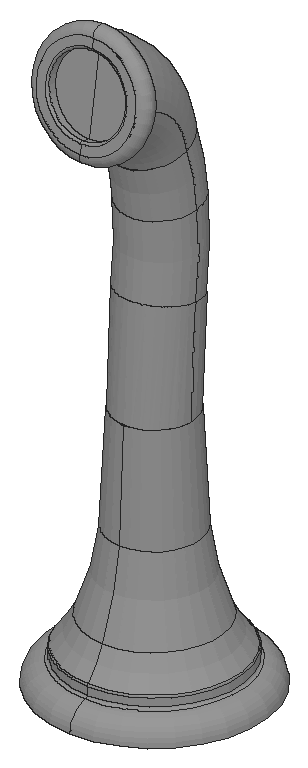
Revit family "Faucet-Wall_Mount-Bath_Spout-KOHLER-ARTIFACTS-K-72791T_1", category Plumbing Fixtures, host Face, Revit 2017
Family settings
  Host = Face
  Round Connector Dimension = Use Diameter
  Part Type = Normal
  OmniClass Number = 23.31.11.00
  Cut with Voids When Loaded = No
  Shared = No
  Room Calculation Point = No
Parameters (values of type "Not a Type-See Type Catalog")
  Width = 3"  # constant formula
  WaterSense Certified = 1 = 0  # no
  Waste Water Outlet = "Waste Water Outlet"  # constant formula
  Waste Connection = 1 = 0  # no
  Vent Connection = 1 = 0  # no
  URL = "http://www.kohler.com.cn/"
  Type = 0
  Spout Reach = 8"  # constant formula
  Product Page URL = "https://www.kohler.com.cn/product/K-72791T/K-72791T-CP/"
  Product Name = "ARTIFACTS\r\n"  # constant formula
  Product Documentation Link = ""
  Pressure = 0.00 psi
  Model = if(Type = 1, "K-72791T-CP", if(Type = 2, "K-72791T-AF", if(Type = 3, "K-72791T-BN", if(Type = 4, "K-72791T-BV", if(Type = 5, "K-72791T-SN", if(Type = 6, "K-72791T-PGD", if(Type = 7, "K-72791T-RGD", if(Type = 8, "K-72791T-TT", if(Type = 9, "K-72791T-2BZ", if(Type = 10, "K-72791T-2BL", "NA"))))))))))  # "NA"
  Material = "Premium Metal Construction"  # constant formula
  Master Format 2014 Name = "Residential Faucets, Supplies, and Trim"  # constant formula
  Master Format 2014 = "22 41 39"  # constant formula
  Manufacturer Address = "Kohler Beijing Office (100016) 36-2-03-B, No. 88, Liuxiang Road, Beijing"  # constant formula
  Manufacturer = "KOHLER Co."  # constant formula
  Length = Spout Reach  # 8"
  Hot Water Inlet = "Tempered Water Inlet"  # constant formula
  Height = 3"  # constant formula
  HW Connection = 1 = 1  # yes
  Flow Rate = 0 GPM
  Finish = Default
  Environmental Product Declaration = ""
  Drain Included = 1 = 0  # no
  Description = "Artisan tap series Artisan bathtub out of the nozzle"  # constant formula
  Default Elevation = 36"
  Declare Label = ""
  Date Modified = "09/21/2020"  # constant formula
  Date Created = "09/21/2020"  # constant formula
  Copyright = "Copyright KOHLER Co."  # constant formula
  Contact Us = "http://www.kohler.com.cn/contact/contact-us/"
  Cold Water Inlet = "Cold Water Inlet"  # constant formula
  CW Connection = 1 = 0  # no
  Assembly Code = "D2010"
  ADA Compliant = 1 = 0  # no
Reference planes (in)
  plane 1 "Center (Front/Back)": y = 0
  plane 2: z = 0
  plane 3 "Center (Left/Right)": x = 0
  plane 4: x = 1.49606
  plane 5: y = 1.49606
  plane 6: x = -1.50394
  plane 7: y = -1.50394
  plane 8: z = 8
  plane 9: z = 0.3183
  plane 10: z = 8.81275
  plane 11: y = -1.2087
Dimensions and locks (in)
  "Width": plane 6 to plane 4
  "Height": plane 5 to plane 7
  "Spout Reach": plane 8 to level
  aligned and locked: plane 2 to host face
  aligned and locked: level to host face
Automatic sketch dimensions
  host sketch curve to host sketch curve = 96"  (x2)
Nested families (in)
  nested 1: "K-72791T" at (0, 0, 0), type "K-72791T"
Connectors (in)
  piping at (0, 0, 0), diameter 0.5, driven by "Hot Water Inlet", driven by "HW Connection", driven by "Flow Rate"
    settings: on nested 1, index 1, connector inside diameter 24", connector length 0", flow factor 0, pipe flow 0 GPM, pressure drop 0.00 psi, fitting loss kfactor 0, connector angle 0.00°, fixture units 0, engagement length 0", angle of deflection 0.00°, flow configuration 0, flow direction 1, fitting loss method 0, system type 19, joint type 0, gender type 0, connector reference index -1, connector utility 1, adjustable connector no, is connector primary yes, connector description "Tempered Water Inlet"
Definition of nested family "K-72791T"
  Parameters (values of type "K-72791T")
    Material = none
  Reference planes (in)
    plane 1 "Center (Front/Back)": y = 0
    plane 2: z = 0
    plane 3 "Center (Left/Right)": x = 0
    plane 4: x = 3.75
    plane 5: y = 1.49606
    plane 6: y = -1.49606
    plane 7: x = -1.49606
    plane 8: z = 7.99213
  Forms (in)
    Revolve 1, solid, material <- "Material", detail levels medium+fine
      sketch origin (0, 0, 0) x (0, 1, 0) y (0, 0, 1)
        loop
          line (0, 0) -> (0, 3.51115) -> (-0.53759, 3.51115)
          arc (-0.53759, 3.51115) -> (-0.55895, 2.76) -> (-0.61368, 2.01054) r 16.89717
          arc (-0.61368, 2.01054) -> (-0.71573, 1.43747) -> (-0.90898, 0.8884) r 3.59302
          arc (-0.90898, 0.8884) -> (-1.02352, 0.68035) -> (-1.17116, 0.49432) r 1.41929
          arc (-1.17116, 0.49432) -> (-1.18017, 0.48036) -> (-1.18364, 0.46412) r 0.04608
          arc (-1.18364, 0.46412) -> (-1.18433, 0.40887) -> (-1.18313, 0.35364) r 1.61112
          arc (-1.18313, 0.35364) -> (-1.19186, 0.32934) -> (-1.21503, 0.31792) r 0.03447
          arc (-1.21503, 0.31792) -> (-1.42024, 0.21615) -> (-1.49606, 0) r 0.30382
          line (-1.49606, 0) -> (0, 0)
        axis (0, 0) -> (0, 3.51115)
      angle from 0 to 360
    Sweep 2, solid, material <- "Material", detail levels medium+fine
      path origin (0, 0, 0) x (0, 1, 0) y (0, 0, 1)
        loop
          arc (0.00044, 3.47766) -> (0.0121, 4.23921) -> (0.0785, 4.99794) r 10.58188
          arc (0.0785, 4.99794) -> (0.11968, 5.58107) -> (0.09915, 6.16528) r 5.53798
          arc (0.09915, 6.16528) -> (0.03332, 6.59048) -> (-0.08764, 7.00339) r 3.27733
      profile origin (0, 0.00044, 3.47766) x (0, -0.999786, -0.020685) y (1, 0, 0)
        loop
          spline (-0.00002, 0.53083) -> (-0.13738, 0.51274) -> (-0.26538, 0.45971) -> (-0.37529, 0.37535) -> (-0.45963, 0.26541) -> (-0.51265, 0.13739) -> (-0.53074, 0) -> (-0.51265, -0.13739) -> (-0.45963, -0.26541) -> (-0.37529, -0.37535) -> (-0.26538, -0.45971) -> (-0.13738, -0.51274) -> (-0.00002, -0.53083)
          spline (-0.00002, -0.53083) -> (0.13734, -0.51274) -> (0.26533, -0.45971) -> (0.37525, -0.37535) -> (0.45959, -0.26541) -> (0.51261, -0.13739) -> (0.53069, 0) -> (0.51261, 0.13739) -> (0.45959, 0.26541) -> (0.37525, 0.37535) -> (0.26533, 0.45971) -> (0.13734, 0.51274) -> (-0.00002, 0.53083)
    SweptBlend 3, solid, material <- "Material", detail levels medium+fine
      path origin (0, 0, 0) x (0, 1, 0) y (0, 0, 1)
        loop
          arc (-0.08764, 7.00339) -> (-0.47187, 7.6079) -> (-1.07638, 7.99213) r 1.64686
      profile origin (0, -0.08764, 7.00339) x (0, -0.940413, -0.340035) y (1, 0, 0)
        loop
          spline (-0.00009, 0.53084) -> (-0.13679, 0.51275) -> (-0.26417, 0.45972) -> (-0.37355, 0.37537) -> (-0.45749, 0.26543) -> (-0.51025, 0.13741) -> (-0.52825, 0.00002) -> (-0.51026, -0.13736) -> (-0.45751, -0.26539) -> (-0.37358, -0.37534) -> (-0.26421, -0.4597) -> (-0.13683, -0.51274) -> (-0.00014, -0.53084)
          spline (-0.00014, -0.53084) -> (0.13656, -0.51276) -> (0.26394, -0.45975) -> (0.37333, -0.3754) -> (0.45728, -0.26547) -> (0.51005, -0.13746) -> (0.52807, -0.00007) -> (0.51009, 0.13732) -> (0.45735, 0.26535) -> (0.37343, 0.3753) -> (0.26406, 0.45968) -> (0.13669, 0.51273) -> (-0.00009, 0.53084)
      end profile origin (0, -1.07638, 7.99213) x (0, -0.340035, -0.940413) y (1, 0, 0)
        loop
          circle (0, 0) r 0.75
    Revolve 4, solid, material <- "Material", detail levels medium+fine
      sketch origin (0, -0.01172, 0.00391) x (0, 1, 0) y (0, 0, 1)
        loop
          arc (-1.09677, 8.56234) -> (-1.09232, 8.54224) -> (-1.07496, 8.53118) r 0.02689
          line (-1.07496, 8.53118) -> (-0.96767, 8.51226) -> (-1.0626, 7.97388) -> (-0.93721, 7.95177) -> (-0.81508, 8.6444)
          arc (-0.81508, 8.6444) -> (-0.92182, 8.79683) -> (-1.07425, 8.6901) r 0.13158
          line (-1.07425, 8.6901) -> (-1.09677, 8.56234)
        axis (-0.93721, 7.95177) -> (-1.19638, 7.99747)
      angle from 0 to 360
    Extrusion 5, solid, material <- "Material", detail levels medium+fine
      sketch origin (0, 0, 0) x (1, 0, 0) y (0, 1, 0)
        loop
          circle (0, 0) r 0.08058
      from 0 to 0.03278
    Extrusion 6, void
      sketch origin (0, 0, 0) x (0, 1, 0) y (0, 0, 1)
        loop
          line (-0.84245, 8.94319) -> (-1.27915, 8.94319) -> (-1.62645, 6.97358) -> (-1.18975, 6.97358) -> (-0.84245, 8.94319)
      from -1.21044 to 1.32973
    Revolve 7, solid, material <- "Material", detail levels coarse
      sketch origin (0, 0, 0) x (0, 1, 0) y (0, 0, 1)
        loop
          line (0, 0) -> (0, 0.32237) -> (-1.49606, 0.32237) -> (-1.49606, 0) -> (0, 0)
        axis (0, 0) -> (0, 0.32237)
      angle from 0 to 360
    Sweep 8, solid, material <- "Material", detail levels coarse
      path origin (0, 0, 0) x (0, 1, 0) y (0, 0, 1)
        loop
          line (0, 0.32237) -> (0, 6.94926)
          arc (0, 6.94926) -> (-0.23396, 7.59204) -> (-0.82635, 7.93406) r 1
          line (-0.82635, 7.93406) -> (-1.21082, 8.00186)
      profile origin (0, 0, 3.63581) x (0, -1, 0) y (1, 0, 0)
        loop
          circle (0, 0) r 0.53083
  Cuts and joins
    Extrusion 6 cuts SweptBlend 3
    joined: SweptBlend 3, Revolve 4
    joined: Revolve 1, Sweep 2
    joined: Revolve 7, Sweep 8
  Lines and regions (in)
    Masking region 1
      outline origin (0, 0, 0) x (1, 0, 0) y (0, 1, 0)
        loop
          circle (0, 0) r 1.49606
    Masking region 2
      outline origin (0, 0, 0) x (0, 1, 0) y (0, 0, 1)
        loop
          arc (-1.18398, 0.35259) -> (-1.19339, 0.32859) -> (-1.21659, 0.31737) r 0.03532
          arc (-1.21659, 0.31737) -> (-1.42081, 0.21547) -> (-1.49606, 0) r 0.30314
          line (-1.49606, 0) -> (1.49606, 0)
          arc (1.49606, 0) -> (1.42081, 0.21547) -> (1.21659, 0.31737) r 0.30314
          arc (1.21659, 0.31737) -> (1.19339, 0.32859) -> (1.18398, 0.35259) r 0.03532
          line (1.18398, 0.35259) -> (1.18398, 0.46147)
          arc (1.18398, 0.46147) -> (1.18041, 0.47996) -> (1.17022, 0.49579) r 0.04968
          arc (1.17022, 0.49579) -> (1.01545, 0.69096) -> (0.89915, 0.91123) r 1.35082
          arc (0.89915, 0.91123) -> (0.68937, 1.56841) -> (0.59309, 2.25152) r 4.08791
          arc (0.59309, 2.25152) -> (0.57534, 2.5919) -> (0.55993, 2.93239) r 49.54631
          arc (0.55993, 2.93239) -> (0.54996, 3.80374) -> (0.59286, 4.67409) r 14.35975
          arc (0.59286, 4.67409) -> (0.62369, 5.39217) -> (0.62223, 6.11091) r 15.99232
          arc (0.62223, 6.11091) -> (0.56088, 6.65582) -> (0.40549, 7.1817) r 3.13377
          arc (0.40549, 7.1817) -> (-0.01136, 7.91728) -> (-0.61602, 8.50824) r 3.01565
          arc (-0.61602, 8.50824) -> (-0.75182, 8.62359) -> (-0.86999, 8.75695) r 1.25897
          arc (-0.86999, 8.75695) -> (-0.99307, 8.8003) -> (-1.08235, 8.70512) r 0.11943
          line (-1.08235, 8.70512) -> (-1.33018, 7.30673)
          arc (-1.33018, 7.30673) -> (-1.23873, 7.16016) -> (-1.08094, 7.23053) r 0.13157
          arc (-1.08094, 7.23053) -> (-0.72708, 6.9906) -> (-0.53184, 6.61026) r 0.86287
          arc (-0.53184, 6.61026) -> (-0.44817, 6.07311) -> (-0.43964, 5.52954) r 3.91918
          arc (-0.43964, 5.52954) -> (-0.48794, 4.57883) -> (-0.53065, 3.62784) r 161.62662
          arc (-0.53065, 3.62784) -> (-0.56002, 2.95413) -> (-0.59158, 2.28051) r 207.06005
          arc (-0.59158, 2.28051) -> (-0.68617, 1.58257) -> (-0.89915, 0.91123) r 4.08791
          arc (-0.89915, 0.91123) -> (-1.01545, 0.69096) -> (-1.17022, 0.49579) r 1.35082
          arc (-1.17022, 0.49579) -> (-1.18041, 0.47996) -> (-1.18398, 0.46147) r 0.04968
          line (-1.18398, 0.46147) -> (-1.18398, 0.35259)
    Masking region 3
      outline origin (0, 0, 0) x (1, 0, 0) y (0, 0, 1)
        loop
          line (1.19104, 0.35103) -> (1.19104, 0.46246)
          arc (1.19104, 0.46246) -> (1.18796, 0.47913) -> (1.17911, 0.49358) r 0.04656
          arc (1.17911, 0.49358) -> (0.96986, 0.78083) -> (0.82353, 1.1047) r 1.73481
          arc (0.82353, 1.1047) -> (0.68365, 1.62121) -> (0.60371, 2.15033) r 4.67428
          arc (0.60371, 2.15033) -> (0.54888, 2.96658) -> (0.53587, 3.78456) r 15.98721
          arc (0.53587, 3.78456) -> (0.53777, 4.46931) -> (0.53021, 5.15401) r 49.54244
          arc (0.53021, 5.15401) -> (0.52436, 5.95279) -> (0.5355, 6.75152) r 37.56899
          arc (0.5355, 6.75152) -> (0.53596, 6.87835) -> (0.5311, 7.0051) r 3.02558
          arc (0.5311, 7.0051) -> (0.56704, 7.20831) -> (0.60614, 7.41095) r 13.25848
          arc (0.60614, 7.41095) -> (0, 8.81275) -> (-0.60614, 7.41095) r 0.83195
          arc (-0.60614, 7.41095) -> (-0.56704, 7.20831) -> (-0.5311, 7.0051) r 13.25848
          arc (-0.5311, 7.0051) -> (-0.53596, 6.87835) -> (-0.5355, 6.75152) r 3.02558
          arc (-0.5355, 6.75152) -> (-0.52436, 5.95279) -> (-0.53021, 5.15401) r 37.56899
          arc (-0.53021, 5.15401) -> (-0.53802, 4.56906) -> (-0.53197, 3.98409) r 24.71205
          arc (-0.53197, 3.98409) -> (-0.53797, 3.06628) -> (-0.59663, 2.15033) r 15.98721
          arc (-0.59663, 2.15033) -> (-0.67657, 1.62121) -> (-0.81645, 1.1047) r 4.67428
          arc (-0.81645, 1.1047) -> (-0.96278, 0.78083) -> (-1.17203, 0.49358) r 1.73481
          arc (-1.17203, 0.49358) -> (-1.18088, 0.47913) -> (-1.18396, 0.46246) r 0.04656
          line (-1.18396, 0.46246) -> (-1.18396, 0.35103)
          arc (-1.18396, 0.35103) -> (-1.19271, 0.32872) -> (-1.2143, 0.3183) r 0.03283
          arc (-1.2143, 0.3183) -> (-1.4197, 0.21626) -> (-1.49606, 0) r 0.30525
          line (-1.49606, 0) -> (1.49606, 0)
          arc (1.49606, 0) -> (1.42441, 0.21583) -> (1.22138, 0.3183) r 0.29805
          arc (1.22138, 0.3183) -> (1.19979, 0.32872) -> (1.19104, 0.35103) r 0.03283
    symbolic lines, detail levels medium+fine
      curve 1: arc (0.73516, -0.9264, 0) -> (0, 1.18266, 0) -> (-0.73516, -0.9264, 0) r 1.18266
      curve 2: arc (0.5196, 0.01356, 0) -> (0, 0.65151, 0) -> (-0.5196, 0.01356, 0) r 0.53057
      curve 3: arc (-0.52273, 0, 0) -> (-0.33519, 0.2987, 0) -> (0, 0.4084, 0) r 0.51865
      curve 4: arc (0.52273, 0, 0) -> (0.33519, 0.2987, 0) -> (0, 0.4084, 0) r 0.51865
      curve 5: arc (-0.52273, 0, 0) -> (-0.64184, -0.45674, 0) -> (-0.72378, -0.92159, 0) r 5.85512
      curve 6: arc (0.52273, 0, 0) -> (0.64184, -0.45674, 0) -> (0.72378, -0.92159, 0) r 5.85512
      curve 7: arc (0, -1.33206, 0) -> (0.30981, -1.32116, 0) -> (0.6163, -1.27468, 0) r 2.68864
      curve 8: arc (0.6163, -1.27468, 0) -> (0.69936, -1.24721, 0) -> (0.77433, -1.2021, 0) r 0.39432
      curve 9: arc (0.77433, -1.2021, 0) -> (0.83361, -1.10077, 0) -> (0.80483, -0.98696, 0) r 0.15494
      curve 10: arc (0.80483, -0.98696, 0) -> (0.76328, -0.94464, 0) -> (0.71165, -0.91546, 0) r 0.21247
      curve 11: arc (0.71165, -0.91546, 0) -> (0.65384, -0.89475, 0) -> (0.59489, -0.8776, 0) r 1.00787
      curve 12: arc (0.59489, -0.8776, 0) -> (0.29883, -0.83489, 0) -> (0, -0.82148, 0) r 3.03956
      curve 13: arc (0, -1.33206, 0) -> (-0.30981, -1.32116, 0) -> (-0.6163, -1.27468, 0) r 2.68864
      curve 14: arc (-0.6163, -1.27468, 0) -> (-0.69936, -1.24721, 0) -> (-0.77433, -1.2021, 0) r 0.39432
      curve 15: arc (-0.77433, -1.2021, 0) -> (-0.83361, -1.10077, 0) -> (-0.80483, -0.98696, 0) r 0.15494
      curve 16: arc (-0.80483, -0.98696, 0) -> (-0.76328, -0.94464, 0) -> (-0.71165, -0.91546, 0) r 0.21247
      curve 17: arc (-0.71165, -0.91546, 0) -> (-0.65384, -0.89475, 0) -> (-0.59489, -0.8776, 0) r 1.00787
      curve 18: arc (-0.59489, -0.8776, 0) -> (-0.29883, -0.83489, 0) -> (0, -0.82148, 0) r 3.03956
      curve 19: line (0, -1.08095, 7.23053) -> (0, -0.82136, 8.69741)
      curve 20: line (0, 1.21659, 0.31737) -> (0, -1.21659, 0.31737)
      curve 21: line (0, 1.17022, 0.49579) -> (0, -1.17022, 0.49579)
      curve 22: line (1.22138, 0, 0.3183) -> (-1.2143, 0, 0.3183)
      curve 23: line (1.19104, 0, 0.46246) -> (-1.18396, 0, 0.46246)
      curve 24: line (-0.60614, 0, 7.41095) -> (-0.66078, 0, 7.64762)
      curve 25: line (0.60614, 0, 7.41095) -> (0.65419, 0, 7.6191)
      curve 26: spline (0.65419, 0, 7.6191) -> (0.73416, 0, 7.85308) -> (0.73029, 0, 8.09991) -> (0.64301, 0, 8.33122) -> (0.48236, 0, 8.52045) -> (0.2668, 0, 8.64586) -> (0.02108, 0, 8.69303) -> (-0.22656, 0, 8.65656) -> (-0.44768, 0, 8.54062) -> (-0.61687, 0, 8.35854) -> (-0.71469, 0, 8.13124) -> (-0.72991, 0, 7.88483) -> (-0.66078, 0, 7.64762)
      curve 27: spline (-0.61669, -1.17424, 0) -> (-0.59568, -1.19858, 0) -> (-0.53407, -1.22126, 0) -> (-0.43607, -1.24073, 0) -> (-0.30835, -1.25568, 0) -> (-0.15961, -1.26507, 0) -> (0, -1.26827, 0) -> (0.15961, -1.26507, 0) -> (0.30835, -1.25568, 0) -> (0.43607, -1.24073, 0) -> (0.53407, -1.22126, 0) -> (0.59568, -1.19858, 0) -> (0.61669, -1.17424, 0) -> (0.59568, -1.14991, 0) -> (0.53407, -1.12723, 0) -> (0.43607, -1.10775, 0) -> (0.30835, -1.09281, 0) -> (0.15961, -1.08342, 0) -> (0, -1.08021, 0) -> (-0.15961, -1.08342, 0) -> (-0.30835, -1.09281, 0) -> (-0.43607, -1.10775, 0) -> (-0.53407, -1.12723, 0) -> (-0.59568, -1.14991, 0) -> (-0.61669, -1.17424, 0)
      curve 28: arc (-0.42456, -1.10779, 0) -> (0.00047, -1.19603, 0) -> (0.4255, -1.10779, 0) r 1.06774
  Dimensions and locks (in)
    aligned and locked: plane 2 to level
